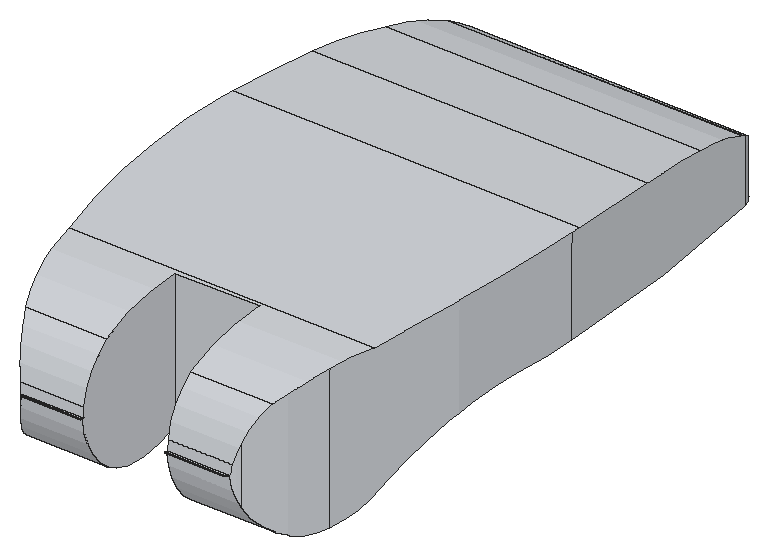
Revit family "Lighting-StreetLighting-GEWISS-STREET[O3]-LED_OPTIC_CYCLE-PEDESTRIAN", category Apparecchi per illuminazione, Revit 2019
Family settings
  Quota connettore circolare = Usa diametro
  Tipo di parte = Normale
  Numero OmniClass = 23.80.70.00
  Titolo OmniClass = Lighting
  Basato su piano di lavoro = No
  Sempre verticale = Sì
  Taglio con vuoti quando caricato = No
  Sorgente d'illuminazione = No
  Condiviso = No
  Punto di calcolo locali = No
Parameters (values of type "GWS7111 - STREET LED 2M 4000K 700mA CYCLE")
  Working temperature = "-25 +25 °C"
  Weight (kg): = "9,1"
  Weight (kg) = "9,1"
  Warranty = "5 years"
  Voltaggio = 230 V
  Voltage: = "220/240 V - 50/60 Hz"
  Voltage = "220/240 V - 50/60 Hz - Stand alone and/or possibility of dimmer 1-10 V"
  Visibility_label [instance] = yes
  Vetro = GEWISS - Led - lm 650 / Temp_3000_K
  Version type = ""
  Version file RFA = "20.11"
  URL = "https://www.gewiss.com/ww/en"
  Typology = "Stand alone"
  Tilt adjustable = "±20° bracket - 0°÷20° pole head"
  Technical sheet = "https://www.gewiss.com/ww/en/search?q=GWS7111"
  System power = "68W"
  Struttura = none
  Spostamento_Y_etichetta [instance] = 0 mm
  Spostamento_Y_effettivo_etichetta [instance] = 1500 mm + Spostamento_Y_etichetta  # 1500 mm
  Spostamento_X_etichetta [instance] = 0 mm
  Spostamento_X_effettivo_etichetta [instance] = 1500 mm - Spostamento_X_etichetta  # 1500 mm
  Shock resistance = "IK08 BODY - IK06 LENS"
  SIMBOLO [instance] = yes
  SEO = "Street lighting"
  Risk photobiological = "RG1/RG2 @ 20cm"
  Realized by GEWISS S.p.A. = ""
  Produttore = "GEWISS S.p.A."
  Power supply operation = ""
  Photobiologic Risk = "RG1/RG2 @ 20cm"
  Optic = "Cycle and pedestrian - ULOR: 0%"
  Operating temperature: = "-25 +35 °C"
  Offset etichetta W [instance] = 75 mm
  Numero di poli = 2
  Number of modules = "2 (2x16 LED)"
  Nominal flux (lm) = "8050"
  No. Chorus modules = "2 (2x16 LED)"
  Modello = "GWS7111"
  Minimum distance from the illuminated object = "1M"
  Maximum surface exposed to the wind = "0,26M2"
  Material = "Die-cast  aluminium"
  Lumen output (lm) = "6330"
  Lampada = "LED"
  Lamp = "LED"
  L_staffa = 120 mm
  LED current = "700 mA"
  LED LifeTime (L80B20) = "50000H"
  LED Life time (L90B20) = "50000H"
  LED Life time (L80B10) = "100000H"
  Insulation class = "II"
  Immagine tipo = GWS7001.jpg
  IP degree = "IP66"
  IFC.TypeObject = ""
  IFC.ExportType = ""
  IFC.ExportAs = ""
  IDT = "fe79b716-81a6-4571-bc62-3b977ad29964"
  IDF = "0fe26560-d2f1-4d96-bd76-f87854a9d7be"
  Electrocod = "244C"
  ETICHETTA W [instance] = yes
  EAN code = "8011564804913"
  Driver type = "Constant Current Driver Led"
  Descrizione = "STREET LED 2M 4000K 700mA CYCLE"
  Commenti sul wattaggio = "68W"
  Colour temperature: = "4000 K (CRI 70)"
  Colour temperature = "4000 K (CRI 70)"
  Colour = "Graphite/Aluminium"
  Catalogue Range = "STREET [O3]"
  Catalogue = "LIGHTING"
  Carico apparente = 68 VA
  COBie.Tagnumber = ""
  COBie.CreatedOn = ""
  COBie.CreatebBy = ""
  COBie.ComponentRegisterItemID = ""
  COBie.Component.TagNumber = ""
  COBie.Component.Space = ""
  COBie.Component.SerialNumber = ""
  COBie.Component.InstallationDate = ""
  COBie.Component.Description = ""
  COBie.Component.BarCode = ""
  BIDIMENSIONALE [instance] = not(SIMBOLO)  # no
  Application = "External"
  Altezza da terra testa staffa = 821.938 mm
Types (7, lengths in mm): name | Working temperature | Weight (kg): | Weight (kg) | Voltage | Typology | Technical sheet | System power | Risk photobiological | Operating temperature: | Number of modules | Nominal flux (lm) | No. Chorus modules | Modello | Material | Lumen output (lm) | LED Life time (L90B20) | LED Life time (L80B10) | IDT | Electrocod | EAN code | Driver type | Descrizione | Commenti sul wattaggio | Colour temperature: | Colour temperature | Carico apparente
  (no name) | "-25 +25 °C" | "9,1" | "9,1" | "220/240 V - 50/60 Hz - Stand alone and/or possibility of dimmer 1-10 V" | "Stand alone" | "https://www.gewiss.com/ww/en/search?q=GWS7111" | "68W" | "RG1/RG2 @ 20cm" | "-25 +35 °C" | "2 (2x16 LED)" | "8050" | "2 (2x16 LED)" | "GWS7111" | "Die-cast  aluminium" | "6330" | "50000H" | "100000H" | "fe79b716-81a6-4571-bc62-3b977ad29964" | "244C" | "8011564804913" | "Constant Current Driver Led" | "STREET LED 2M 4000K 700mA CYCLE" | "37W" | "4000 K (CRI 70)" | "4000 K (CRI 70)" | 37 VA
  GWS7110 - STREET LED 1M 4000K 700mA CYCLE | "-25 +25 °C" | "8,5" | "8,5" | "220/240 V - 50/60 Hz - Stand alone and/or possibility of dimmer 1-10 V" | "Stand alone" | "https://www.gewiss.com/ww/en/search?q=GWS7110" | "37W" | "RG1/RG2 @ 20cm" | "-25 +50 °C" | "1 (1x16 LED)" | "4140" | "1 (1x16 LED)" | "GWS7110" | "Die-cast  aluminium" | "3260" | "50000H" | "100000H" | "a0fb25a0-4e68-46a8-b0df-ea001d265249" | "244C" | "8011564804807" | "Constant Current Driver Led" | "STREET LED 1M 4000K 700mA CYCLE" | "37W" | "4000 K (CRI 70)" | "4000 K (CRI 70)" | 37 VA
  GWS7111 - STREET LED 2M 4000K 700mA CYCLE | "-25 +25 °C" | "9,1" | "9,1" | "220/240 V - 50/60 Hz - Stand alone and/or possibility of dimmer 1-10 V" | "Stand alone" | "https://www.gewiss.com/ww/en/search?q=GWS7111" | "68W" | "RG1/RG2 @ 20cm" | "-25 +35 °C" | "2 (2x16 LED)" | "8050" | "2 (2x16 LED)" | "GWS7111" | "Die-cast  aluminium" | "6330" | "50000H" | "100000H" | "fe79b716-81a6-4571-bc62-3b977ad29964" | "244C" | "8011564804913" | "Constant Current Driver Led" | "STREET LED 2M 4000K 700mA CYCLE" | "68W" | "4000 K (CRI 70)" | "4000 K (CRI 70)" | 68 VA
  GWS7112 - STREET LED 3M 4000K 700mA CYCLE | "-25 +25 °C" | "9,6" | "9,6" | "220/240 V - 50/60 Hz - Stand alone and/or possibility of dimmer 1-10 V" | "Stand alone" | "https://www.gewiss.com/ww/en/search?q=GWS7112" | "99W" | "RG1/RG2 @ 20cm" | "-25 +40 °C" | "3 (3x16 LED)" | "11740" | "3 (3x16 LED)" | "GWS7112" | "Die-cast  aluminium" | "9250" | "50000H" | "100000H" | "eb20ed4a-0eb5-4fdf-99d6-42564c8ce0b6" | "244B" | "8011564804920" | "Constant Current Driver Led" | "STREET LED 3M 4000K 700mA CYCLE" | "99W" | "4000 K (CRI 70)" | "4000 K (CRI 70)" | 99 VA
  GWS7110V - STREET LED 1M 4000K 700mA CYCLE | "" | "8,5" | "" | "220/240 V - 50/60 Hz - Stand alone and/or programmable" | "Programmable (5 step)" | "https://www.gewiss.com/ww/en/search?q=GWS7110V" | "37W" | "" | "-25 +25 °C" | "1 (1x16 LED)" | "4140" | "" | "GWS7110V" | "" | "3260" | "" | "" | "2ec8a7a59c8c4ecd96e902750527e753" | "244C" | "" | "" | "STREET LED 1M 4000K 700mA CYCLE" | "37W" | "4000 K (CRI>70)" | "" | 37 VA
  GWS7111V - STREET LED 2M 4000K 700mA CYCLE | "" | "9,09999999999999" | "" | "220/240 V - 50/60 Hz - Stand alone and/or programmable" | "Programmable (5 step)" | "https://www.gewiss.com/ww/en/search?q=GWS7111V" | "68W" | "" | "-25 +25 °C" | "2 (2x16 LED)" | "8050" | "" | "GWS7111V" | "" | "6330" | "" | "" | "2d757fb52362451291b8892b263916a1" | "244C" | "" | "" | "STREET LED 2M 4000K 700mA CYCLE" | "68W" | "4000 K (CRI>70)" | "" | 68 VA
  GWS7112V - STREET LED 3M 4000K 700mA CYCLE | "" | "9,59999999999999" | "" | "220/240 V - 50/60 Hz - Stand alone and/or programmable" | "Programmable (5 step)" | "https://www.gewiss.com/ww/en/search?q=GWS7112V" | "99W" | "" | "-25 +25 °C" | "3 (3x16 LED)" | "11740" | "" | "GWS7112V" | "" | "9250" | "" | "" | "2a1c5ae46678455ea16e05335c72e720" | "244B" | "" | "" | "STREET LED 3M 4000K 700mA CYCLE" | "99W" | "4000 K (CRI>70)" | "" | 99 VA
Reference planes
  plane 1 "Centro (Fronte/Retro)": y = 0
  plane 2: z = 0
  plane 3 "Centro (Sinistra/Destra)": x = 0
  plane 4 "led": z = 1095.365
  plane 5: z = -92
  plane 6: z = 169
  plane 7: z = 144
  plane 8: z = -3
  plane 9: x = -1500
  plane 10: y = -1500
  plane 11: y = 0
  plane 12: x = 0
Forms (mm)
  Extrusion 1, solid
    sketch origin (0, -69.915, 0) x (1, 0, 0) y (0, 1, 0)
      loop
        arc (-148.369, 708.85) -> (-161.088, 701.122) -> (-167.86, 687.87) r 27.287
        arc (-167.86, 687.87) -> (-190.309, 543.599) -> (-200.613, 397.956) r 1744.28
        arc (-200.613, 397.956) -> (-193.473, 245.187) -> (-163.443, 95.229) r 1014.191
        arc (-163.443, 95.229) -> (-148.364, 53.068) -> (-127.521, 13.439) r 318.465
        arc (-127.521, 13.439) -> (-121.67, 6.813) -> (-113.954, 2.501) r 26.295
        line (-113.954, 2.501) -> (-49.198, 2.501) -> (-49.198, 137.329) -> (47.802, 138.583) -> (47.802, 2.502) -> (113.955, 2.502)
        arc (113.955, 2.502) -> (121.67, 6.814) -> (127.521, 13.439) r 26.295
        arc (127.521, 13.439) -> (148.364, 53.068) -> (163.443, 95.229) r 318.465
        arc (163.443, 95.229) -> (193.473, 245.187) -> (200.613, 397.956) r 1014.191
        arc (200.613, 397.956) -> (190.309, 543.599) -> (167.86, 687.87) r 1744.28
        arc (167.86, 687.87) -> (160.933, 701.288) -> (147.93, 708.968) r 27.287
        arc (147.93, 708.968) -> (-0.228, 728.984) -> (-148.369, 708.85) r 556.679
    from -91.533 to 144
  Extrusion 2, void
    sketch origin (0, -72.415, -1095.365) x (0, 1, 0) y (0, 0, 1)
      loop
        line (688.634, 1095.364) -> (323.86, 1095.365)
        arc (323.86, 1095.365) -> (263.459, 1089.221) -> (205.531, 1071.043) r 299.999
        arc (205.531, 1071.043) -> (173.188, 1054.998) -> (142.802, 1035.498) r 328.156
        arc (142.802, 1035.498) -> (108.513, 1022.814) -> (71.972, 1021.648) r 113.881
        arc (71.972, 1021.648) -> (26.51, 1048.717) -> (8.217, 1098.365) r 79.247
        line (8.217, 1098.365) -> (5.002, 1098.365) -> (5.002, 1003.832) -> (731.484, 1003.832) -> (731.484, 1129.989)
        arc (731.484, 1129.989) -> (729.037, 1130.708) -> (726.583, 1131.409) r 350.56
        arc (726.583, 1131.409) -> (714.803, 1105.812) -> (688.634, 1095.364) r 38
    from -250.415 to 250
  Extrusion 3, void
    sketch origin (0, -72.415, -1094.912) x (0, 1, 0) y (0, 0, 1)
      loop
        line (683.93, 1169.668) -> (687.592, 1167.887)
        arc (687.592, 1167.887) -> (717.132, 1148.356) -> (740.002, 1121.318) r 124.886
        line (740.002, 1121.318) -> (740.002, 1263.912) -> (5.002, 1263.912) -> (5.002, 1098.863) -> (8.572, 1098.863)
        arc (8.572, 1098.863) -> (9.034, 1104.506) -> (9.836, 1110.111) r 93.455
        arc (9.836, 1110.111) -> (20.97, 1140.802) -> (41.983, 1165.79) r 93.455
        arc (41.983, 1165.79) -> (92.961, 1183.825) -> (146.686, 1189.963) r 239.488
        arc (146.686, 1189.963) -> (279.294, 1202.642) -> (412.472, 1205.668) r 1835.264
        arc (412.472, 1205.668) -> (465.948, 1204.556) -> (519.402, 1202.672) r 3708.846
        arc (519.402, 1202.672) -> (564.806, 1199.024) -> (609.805, 1191.96) r 603.307
        arc (609.805, 1191.96) -> (647.763, 1183.793) -> (683.93, 1169.668) r 242.275
    from -220.356 to 250
  Extrusion 4, void
    sketch origin (0, -72.415, 1095.365) x (0, -1, 0) y (1, 0, 0)
      loop
        arc (-616.943, -129.057) -> (-510.953, -137.961) -> (-405.191, -126.663) r 559.959
        arc (-405.191, -126.663) -> (-399.103, -123.067) -> (-396.665, -116.429) r 10.527
        line (-396.665, -116.429) -> (-396.665, 116.23)
        arc (-396.665, 116.23) -> (-399.043, 122.98) -> (-405.188, 126.649) r 10.526
        arc (-405.188, 126.649) -> (-510.973, 137.948) -> (-616.987, 129.035) r 559.959
        arc (-616.987, 129.035) -> (-623.275, 125.395) -> (-625.707, 118.549) r 10.526
        line (-625.707, 118.549) -> (-625.707, -0.007) -> (-625.707, -118.579)
        arc (-625.707, -118.579) -> (-623.256, -125.432) -> (-616.943, -129.057) r 10.527
    from -1098.365 to -1092.365
  Extrusion 5, solid, material "GEWISS - Led - lm 650 / Temp_3000_K" <- "Vetro"
    sketch origin (0, 0, 1095.365) x (0, -1, 0) y (1, 0, 0)
      loop
        arc (-616.943, -129.057) -> (-510.953, -137.961) -> (-405.191, -126.663) r 559.959
        arc (-405.191, -126.663) -> (-399.103, -123.067) -> (-396.665, -116.429) r 10.527
        line (-396.665, -116.429) -> (-396.665, 116.23)
        arc (-396.665, 116.23) -> (-399.043, 122.98) -> (-405.188, 126.649) r 10.526
        arc (-405.188, 126.649) -> (-510.973, 137.948) -> (-616.987, 129.035) r 559.959
        arc (-616.987, 129.035) -> (-623.275, 125.395) -> (-625.707, 118.549) r 10.526
        line (-625.707, 118.549) -> (-625.707, -0.007) -> (-625.707, -118.579)
        arc (-625.707, -118.579) -> (-623.256, -125.432) -> (-616.943, -129.057) r 10.527
    from -1098.365 to -1095.365
Cuts and joins
  Extrusion 2, Extrusion 3, Extrusion 4 cuts Extrusion 1
Lines and regions (mm)
  Masking region 1, visible <- "BIDIMENSIONALE"
    outline origin (0, -72.415, 0) x (1, 0, 0) y (0, 1, 0)
      loop
        arc (-163.443, 97.729) -> (-148.364, 55.568) -> (-127.521, 15.939) r 318.465
        arc (-127.521, 15.939) -> (-121.67, 9.313) -> (-113.954, 5.001) r 26.295
        line (-113.954, 5.001) -> (-49.198, 5.001) -> (-49.198, 139.829) -> (47.802, 139.829) -> (47.802, 5.002) -> (113.955, 5.002)
        arc (113.955, 5.002) -> (121.67, 9.314) -> (127.521, 15.939) r 26.295
        arc (127.521, 15.939) -> (148.364, 55.568) -> (163.443, 97.729) r 318.465
        arc (163.443, 97.729) -> (193.473, 247.687) -> (200.613, 400.456) r 1014.191
        arc (200.613, 400.456) -> (190.309, 546.099) -> (167.86, 690.37) r 1744.28
        arc (167.86, 690.37) -> (160.842, 703.703) -> (147.93, 711.468) r 27.998
        arc (147.93, 711.468) -> (-0.228, 731.484) -> (-148.369, 711.35) r 556.679
        arc (-148.369, 711.35) -> (-161.088, 703.622) -> (-167.86, 690.37) r 27.287
        arc (-167.86, 690.37) -> (-190.309, 546.099) -> (-200.613, 400.456) r 1744.28
        arc (-200.613, 400.456) -> (-193.473, 247.687) -> (-163.443, 97.729) r 1014.191
  Masking region 2
    outline origin (0.15, 0, -1127.191) x (1, 0, 0) y (0, 0, 1)
      loop
        line (216.631, 1238.912) -> (-233.592, 1238.912) -> (-233.592, 1114.595) -> (216.631, 1114.595) -> (216.631, 1238.912)
  Masking region 3
    outline origin (0.15, 0, -1127.191) x (1, 0, 0) y (0, 0, 1)
      loop
        line (40.421, 1050.94) -> (176.081, 1050.94)
        spline (176.081, 1050.94) -> (178.783, 1060.222) -> (181.45, 1068.838) -> (184.075, 1076.767) -> (186.653, 1083.99) -> (189.177, 1090.489) -> (191.64, 1096.248) -> (194.037, 1101.252) -> (196.361, 1105.49) -> (198.608, 1108.951) -> (200.77, 1111.626) -> (202.844, 1113.509) -> (204.824, 1114.595)
        line (204.824, 1114.595) -> (-222.524, 1114.595)
        spline (-222.524, 1114.595) -> (-220.394, 1113.595) -> (-218.186, 1111.782) -> (-215.904, 1109.161) -> (-213.554, 1105.739) -> (-211.142, 1101.523) -> (-208.674, 1096.525) -> (-206.156, 1090.757) -> (-203.594, 1084.234) -> (-200.995, 1076.971) -> (-198.366, 1068.988) -> (-195.712, 1060.304) -> (-193.041, 1050.94)
        line (-193.041, 1050.94) -> (-56.362, 1051.009)
        spline (-56.362, 1051.009) -> (-56.021, 1053.409) -> (-55.614, 1055.768) -> (-55.141, 1058.083) -> (-54.603, 1060.355) -> (-54, 1062.582) -> (-53.332, 1064.763) -> (-52.6, 1066.897) -> (-51.803, 1068.984) -> (-50.942, 1071.023) -> (-50.017, 1073.013) -> (-49.029, 1074.953) -> (-47.979, 1076.842)
        spline (-47.979, 1076.842) -> (-47.674, 1077.194) -> (-47.291, 1077.529) -> (-46.836, 1077.845) -> (-46.313, 1078.138) -> (-45.726, 1078.404) -> (-45.084, 1078.641) -> (-44.392, 1078.846) -> (-43.658, 1079.018) -> (-42.89, 1079.153) -> (-42.096, 1079.251) -> (-41.285, 1079.311) -> (-40.465, 1079.331)
        spline (-40.465, 1079.331) -> (-34.853, 1079.503) -> (-29.237, 1079.637) -> (-23.616, 1079.732) -> (-17.993, 1079.79) -> (-12.369, 1079.809) -> (-6.745, 1079.789) -> (-1.122, 1079.732) -> (4.498, 1079.636) -> (10.115, 1079.502) -> (15.726, 1079.33) -> (21.332, 1079.12) -> (26.929, 1078.871)
        spline (26.929, 1078.871) -> (27.63, 1078.802) -> (28.312, 1078.702) -> (28.972, 1078.573) -> (29.603, 1078.415) -> (30.202, 1078.231) -> (30.762, 1078.02) -> (31.28, 1077.786) -> (31.752, 1077.529) -> (32.173, 1077.252) -> (32.54, 1076.958) -> (32.851, 1076.647) -> (33.103, 1076.324)
        spline (33.103, 1076.324) -> (34.027, 1074.475) -> (34.895, 1072.576) -> (35.707, 1070.626) -> (36.462, 1068.626) -> (37.159, 1066.578) -> (37.799, 1064.482) -> (38.381, 1062.338) -> (38.906, 1060.148) -> (39.372, 1057.913) -> (39.781, 1055.632) -> (40.13, 1053.308) -> (40.421, 1050.94)
  Masking region 4
    outline origin (0, -75, -1096.603) x (0, 1, 0) y (0, 0, 1)
      loop
        arc (146.686, 1189.963) -> (92.961, 1183.825) -> (41.983, 1165.79) r 239.488
        arc (41.983, 1165.79) -> (17.055, 1133.245) -> (8.454, 1093.162) r 93.455
        arc (8.454, 1093.162) -> (28.207, 1046.742) -> (71.972, 1021.648) r 79.247
        arc (71.972, 1021.648) -> (108.513, 1022.814) -> (142.802, 1035.498) r 113.881
        arc (142.802, 1035.498) -> (173.188, 1054.998) -> (205.531, 1071.043) r 328.156
        arc (205.531, 1071.043) -> (263.459, 1089.221) -> (323.86, 1095.365) r 299.999
        line (323.86, 1095.365) -> (688.634, 1095.364)
        arc (688.634, 1095.364) -> (714.803, 1105.812) -> (726.583, 1131.409) r 38
        arc (726.583, 1131.409) -> (729.037, 1130.708) -> (731.484, 1129.989) r 350.56
        line (731.484, 1129.989) -> (731.484, 1133.282)
        arc (731.484, 1133.282) -> (711.045, 1153.427) -> (686.547, 1168.375) r 124.886
        arc (686.547, 1168.375) -> (649.16, 1183.369) -> (609.805, 1191.96) r 242.275
        arc (609.805, 1191.96) -> (564.806, 1199.024) -> (519.402, 1202.672) r 603.307
        arc (519.402, 1202.672) -> (465.948, 1204.556) -> (412.472, 1205.668) r 3708.846
        arc (412.472, 1205.668) -> (279.294, 1202.642) -> (146.686, 1189.963) r 1835.264
  symbolic lines, style "InvisibleLines"
    curve 1: line (-0.698, -25, 1095.365) -> (-0.698, 30, 1095.365)
    curve 2: line (29.302, 0, 1095.365) -> (-20.698, 0, 1095.365)
    curve 3: line (0, 0, 45) -> (0, 0, -35)
    curve 4: line (0, 0, 35) -> (0, 0, -35)
Dimensions and locks
  locked: plane 6 to plane 7 at 25
  locked: plane 2 to plane 5 at 92
  locked: level to plane 8 at 3
  plane 9 to plane 3 "Centro (Sinistra/Destra)" = 1500 mm
  plane 10 to plane 1 "Centro (Fronte/Retro)" = 1500 mm
  "Spostamento_Y_effettivo_etichetta": plane 11 to plane 10
  "Spostamento_X_effettivo_etichetta": plane 9 to plane 12
  aligned and locked: level to plane 2
  aligned and locked: Extrusion 1 to Extrusion 2
  aligned and locked: plane 7 to Extrusion 1
  aligned and locked: Extrusion 5 to plane 8
  aligned and locked: plane 2 to Extrusion 5
  aligned and locked: Extrusion 4 to plane 8
  aligned and locked: Extrusion 2 to Extrusion 4
  aligned and locked: nested 1 to plane 1 "Centro (Fronte/Retro)"
  aligned and locked: nested 2 to plane 11
  aligned and locked: plane 12 to nested 2
Automatic sketch dimensions
  curve 3 to plane 1 "Centro (Fronte/Retro)" = 0 mm
  curve 3 to plane 8 = 32 mm
  level to curve 4 = 35 mm
  curve 4 to curve 3 = 10 mm
  Extrusion 1 sketch curve to plane 9 = 42.945 mm
  Extrusion 1 sketch curve to plane 1 "Centro (Fronte/Retro)" = 298.871 mm  (x2)
  Extrusion 1 sketch curve to plane 3 "Centro (Sinistra/Destra)" = 143.219 mm
  Extrusion 1 sketch curve to plane 3 "Centro (Sinistra/Destra)" = 141.097 mm
  Extrusion 1 sketch curve to plane 3 "Centro (Sinistra/Destra)" = 113.954 mm
  Extrusion 1 sketch curve to Extrusion 1 sketch curve = 8.788 mm  (x2)
  Extrusion 1 sketch curve to plane 3 "Centro (Sinistra/Destra)" = 49.198 mm
  Extrusion 1 sketch curve to plane 3 "Centro (Sinistra/Destra)" = 0.007 mm
  plane 3 "Centro (Sinistra/Destra)" to Extrusion 1 sketch curve = 47.802 mm
  Extrusion 1 sketch curve to Extrusion 1 sketch curve = 57.365 mm
  plane 3 "Centro (Sinistra/Destra)" to Extrusion 1 sketch curve = 141.097 mm
  Extrusion 1 sketch curve to Extrusion 1 sketch curve = 95.417 mm
  Extrusion 1 sketch curve to Extrusion 1 sketch curve = 669.939 mm
  Extrusion 1 sketch curve to Extrusion 1 sketch curve = 729.787 mm
  Extrusion 1 sketch curve to plane 1 "Centro (Fronte/Retro)" = 277.872 mm  (x2)
  Extrusion 1 sketch curve to plane 1 "Centro (Fronte/Retro)" = 111.213 mm  (x2)
  Extrusion 1 sketch curve to plane 1 "Centro (Fronte/Retro)" = 102.39 mm
  Extrusion 1 sketch curve to Extrusion 1 sketch curve = 33.723 mm
  Extrusion 1 sketch curve to Extrusion 1 sketch curve = 34.976 mm
  plane 1 "Centro (Fronte/Retro)" to Extrusion 1 sketch curve = 42.631 mm  (x2)
  Extrusion 1 sketch curve to Extrusion 1 sketch curve = 24.783 mm  (x2)
  Extrusion 1 sketch curve to Extrusion 1 sketch curve = 501.421 mm
  Extrusion 1 sketch curve to Extrusion 1 sketch curve = 0 mm  (x8)
  Extrusion 1 sketch curve to plane 3 "Centro (Sinistra/Destra)" = 200.613 mm
  Extrusion 1 sketch curve to Extrusion 1 sketch curve = 6.833 mm
  plane 5 to Extrusion 2 sketch curve = 0.467 mm
  plane 1 "Centro (Fronte/Retro)" to Extrusion 2 sketch curve = 67.414 mm
  Extrusion 2 sketch curve to Extrusion 2 sketch curve = 3.216 mm
  Extrusion 2 sketch curve to plane 1 "Centro (Fronte/Retro)" = 14.245 mm
  level to Extrusion 2 sketch curve = 4.003 mm
  Extrusion 2 sketch curve to plane 1 "Centro (Fronte/Retro)" = 15.042 mm
  Extrusion 2 sketch curve to plane 1 "Centro (Fronte/Retro)" = 251.444 mm
  Extrusion 2 sketch curve to Extrusion 2 sketch curve = 11.106 mm
  Extrusion 2 sketch curve to Extrusion 2 sketch curve = 296.536 mm
  Extrusion 2 sketch curve to level = 0 mm
  Extrusion 2 sketch curve to Extrusion 2 sketch curve = 57.132 mm
  Extrusion 2 sketch curve to Extrusion 2 sketch curve = 0 mm  (x3)
  Extrusion 2 sketch curve to Extrusion 2 sketch curve = 42.851 mm
  Extrusion 2 sketch curve to plane 5 = 207.999 mm
  Extrusion 2 sketch curve to plane 5 = 209.375 mm
  Extrusion 2 sketch curve to Extrusion 2 sketch curve = 25.874 mm
  level to Extrusion 2 sketch curve = 3 mm
  level to Extrusion 2 sketch curve = 34.625 mm
  level to Extrusion 2 sketch curve = 38 mm
  Extrusion 2 sketch curve to Extrusion 2 sketch curve = 35.21 mm
  plane 1 "Centro (Fronte/Retro)" to Extrusion 2 sketch curve = 0.443 mm
  plane 5 to Extrusion 2 sketch curve = 32.133 mm
  level to Extrusion 2 sketch curve = 0 mm
  Extrusion 2 sketch curve to Extrusion 2 sketch curve = 118.329 mm
  Extrusion 3 sketch curve to Extrusion 3 sketch curve = 0 mm  (x4)
  Extrusion 3 sketch curve to plane 6 = 0 mm
  plane 1 "Centro (Fronte/Retro)" to Extrusion 3 sketch curve = 67.414 mm
  Extrusion 3 sketch curve to Extrusion 3 sketch curve = 3.571 mm
  Extrusion 3 sketch curve to level = 0.838 mm
  Extrusion 3 sketch curve to plane 1 "Centro (Fronte/Retro)" = 29.489 mm
  Extrusion 3 sketch curve to plane 1 "Centro (Fronte/Retro)" = 74.419 mm
  Extrusion 3 sketch curve to plane 1 "Centro (Fronte/Retro)" = 289.683 mm
  Extrusion 3 sketch curve to plane 1 "Centro (Fronte/Retro)" = 315.13 mm
  Extrusion 3 sketch curve to plane 1 "Centro (Fronte/Retro)" = 421.399 mm
  Extrusion 3 sketch curve to plane 5 = 51.129 mm
  Extrusion 3 sketch curve to Extrusion 3 sketch curve = 84.174 mm
  Extrusion 3 sketch curve to plane 8 = 36.913 mm
  Extrusion 3 sketch curve to Extrusion 3 sketch curve = 56.191 mm
  Extrusion 3 sketch curve to plane 7 = 69.245 mm
  Extrusion 3 sketch curve to Extrusion 3 sketch curve = 49.751 mm
  Extrusion 3 sketch curve to plane 7 = 71.025 mm
  Extrusion 3 sketch curve to Extrusion 3 sketch curve = 3.662 mm
  Extrusion 3 sketch curve to Extrusion 3 sketch curve = 52.41 mm
  Extrusion 3 sketch curve to plane 5 = 52.437 mm
  Extrusion 3 sketch curve to Extrusion 3 sketch curve = 351.876 mm
  Extrusion 3 sketch curve to Extrusion 3 sketch curve = 1229.335 mm
  Extrusion 3 sketch curve to Extrusion 3 sketch curve = 1873.409 mm
  level to Extrusion 3 sketch curve = 3.951 mm
  Extrusion 3 sketch curve to Extrusion 3 sketch curve = 1.263 mm
  plane 1 "Centro (Fronte/Retro)" to Extrusion 3 sketch curve = 30.433 mm
  Extrusion 3 sketch curve to plane 7 = 48.949 mm
  plane 3 "Centro (Sinistra/Destra)" to Extrusion 4 sketch curve = 118.549 mm
  Extrusion 4 sketch curve to plane 1 "Centro (Fronte/Retro)" = 553.292 mm
  Extrusion 4 sketch curve to Extrusion 4 sketch curve = 10.525 mm
  Extrusion 4 sketch curve to Extrusion 4 sketch curve = 10.526 mm  (x2)
  Extrusion 4 sketch curve to Extrusion 4 sketch curve = 97.901 mm
  Extrusion 4 sketch curve to Extrusion 4 sketch curve = 97.9 mm
  Extrusion 4 sketch curve to Extrusion 4 sketch curve = 207.99 mm
  Extrusion 4 sketch curve to Extrusion 4 sketch curve = 207.991 mm
  plane 3 "Centro (Sinistra/Destra)" to Extrusion 4 sketch curve = 116.315 mm
  Extrusion 4 sketch curve to Extrusion 4 sketch curve = 0.086 mm
  Extrusion 4 sketch curve to plane 3 "Centro (Sinistra/Destra)" = 0.007 mm
  Extrusion 4 sketch curve to plane 3 "Centro (Sinistra/Destra)" = 116.328 mm
  Extrusion 4 sketch curve to Extrusion 4 sketch curve = 0.101 mm
  Extrusion 4 sketch curve to Extrusion 4 sketch curve = 118.572 mm
  Extrusion 4 sketch curve to Extrusion 4 sketch curve = 0.1 mm
  Extrusion 4 sketch curve to Extrusion 4 sketch curve = 303.297 mm  (x2)
  Extrusion 4 sketch curve to Extrusion 4 sketch curve = 0.116 mm
  Extrusion 4 sketch curve to Extrusion 4 sketch curve = 1.805 mm
  Extrusion 4 sketch curve to Extrusion 4 sketch curve = 1.762 mm
  plane 3 "Centro (Sinistra/Destra)" to Extrusion 5 sketch curve = 118.549 mm
  Extrusion 5 sketch curve to plane 1 "Centro (Fronte/Retro)" = 625.707 mm
  Extrusion 5 sketch curve to Extrusion 5 sketch curve = 10.525 mm
  Extrusion 5 sketch curve to Extrusion 5 sketch curve = 10.526 mm  (x2)
  Extrusion 5 sketch curve to Extrusion 5 sketch curve = 97.901 mm
  Extrusion 5 sketch curve to Extrusion 5 sketch curve = 97.9 mm
  Extrusion 5 sketch curve to Extrusion 5 sketch curve = 207.99 mm
  Extrusion 5 sketch curve to Extrusion 5 sketch curve = 207.991 mm
  plane 3 "Centro (Sinistra/Destra)" to Extrusion 5 sketch curve = 116.315 mm
  Extrusion 5 sketch curve to Extrusion 5 sketch curve = 0.086 mm
  Extrusion 5 sketch curve to plane 3 "Centro (Sinistra/Destra)" = 0.007 mm
  Extrusion 5 sketch curve to plane 3 "Centro (Sinistra/Destra)" = 116.328 mm
  Extrusion 5 sketch curve to Extrusion 5 sketch curve = 0.101 mm
  Extrusion 5 sketch curve to Extrusion 5 sketch curve = 118.572 mm
  Extrusion 5 sketch curve to Extrusion 5 sketch curve = 0.1 mm
  Extrusion 5 sketch curve to Extrusion 5 sketch curve = 303.297 mm  (x2)
  Extrusion 5 sketch curve to Extrusion 5 sketch curve = 0.116 mm
  Extrusion 5 sketch curve to Extrusion 5 sketch curve = 1.805 mm
  Extrusion 5 sketch curve to Extrusion 5 sketch curve = 1.762 mm
  plane 1 "Centro (Fronte/Retro)" to curve 2 = 0 mm
  curve 2 to plane 3 "Centro (Sinistra/Destra)" = 20.698 mm
  curve 1 to plane 3 "Centro (Sinistra/Destra)" = 0.698 mm
  curve 1 to plane 1 "Centro (Fronte/Retro)" = 30 mm
  plane 1 "Centro (Fronte/Retro)" to curve 1 = 25 mm
  plane 3 "Centro (Sinistra/Destra)" to curve 2 = 29.302 mm
  Masking region 1 sketch curve to plane 9 = 42.945 mm
  Masking region 1 sketch curve to plane 1 "Centro (Fronte/Retro)" = 298.871 mm  (x2)
  Masking region 1 sketch curve to plane 3 "Centro (Sinistra/Destra)" = 143.219 mm
  Masking region 1 sketch curve to plane 3 "Centro (Sinistra/Destra)" = 141.097 mm
  Masking region 1 sketch curve to plane 3 "Centro (Sinistra/Destra)" = 113.954 mm
  Masking region 1 sketch curve to Masking region 1 sketch curve = 8.788 mm  (x2)
  Masking region 1 sketch curve to plane 3 "Centro (Sinistra/Destra)" = 49.198 mm
  Masking region 1 sketch curve to plane 3 "Centro (Sinistra/Destra)" = 0.007 mm
  plane 3 "Centro (Sinistra/Destra)" to Masking region 1 sketch curve = 47.802 mm
  Masking region 1 sketch curve to Masking region 1 sketch curve = 57.365 mm
  plane 3 "Centro (Sinistra/Destra)" to Masking region 1 sketch curve = 140.49 mm
  Masking region 1 sketch curve to Masking region 1 sketch curve = 95.417 mm
  Masking region 1 sketch curve to Masking region 1 sketch curve = 669.939 mm
  Masking region 1 sketch curve to Masking region 1 sketch curve = 729.787 mm
  Masking region 1 sketch curve to plane 1 "Centro (Fronte/Retro)" = 277.872 mm  (x2)
  Masking region 1 sketch curve to plane 1 "Centro (Fronte/Retro)" = 111.213 mm  (x2)
  Masking region 1 sketch curve to plane 1 "Centro (Fronte/Retro)" = 102.39 mm
  Masking region 1 sketch curve to Masking region 1 sketch curve = 34.976 mm
  plane 1 "Centro (Fronte/Retro)" to Masking region 1 sketch curve = 42.631 mm  (x2)
  Masking region 1 sketch curve to Masking region 1 sketch curve = 24.783 mm  (x2)
  Masking region 1 sketch curve to Masking region 1 sketch curve = 500.847 mm
  Masking region 1 sketch curve to Masking region 1 sketch curve = 0.574 mm
  Masking region 1 sketch curve to plane 3 "Centro (Sinistra/Destra)" = 200.613 mm
  Masking region 1 sketch curve to Masking region 1 sketch curve = 0 mm  (x7)
  Masking region 1 sketch curve to Masking region 1 sketch curve = 27.371 mm
  Masking region 2 sketch curve to plane 7 = 32.278 mm
  Masking region 2 sketch curve to plane 3 "Centro (Sinistra/Destra)" = 233.441 mm
  Masking region 2 sketch curve to plane 8 = 9.595 mm
  plane 3 "Centro (Sinistra/Destra)" to Masking region 2 sketch curve = 216.782 mm
  Masking region 3 sketch curve to plane 8 = 9.595 mm
  Masking region 3 sketch curve to plane 3 "Centro (Sinistra/Destra)" = 222.373 mm
  plane 5 to Masking region 3 sketch curve = 15.75 mm  (x2)
  Masking region 3 sketch curve to Masking region 3 sketch curve = 29.482 mm
  plane 5 to Masking region 3 sketch curve = 15.818 mm
  Masking region 3 sketch curve to plane 3 "Centro (Sinistra/Destra)" = 56.212 mm
  plane 3 "Centro (Sinistra/Destra)" to Masking region 3 sketch curve = 40.572 mm
  Masking region 3 sketch curve to Masking region 3 sketch curve = 135.66 mm
  Masking region 3 sketch curve to Masking region 3 sketch curve = 28.743 mm
  Masking region 3 sketch curve to Masking region 3 sketch curve = 2.038 mm
  Masking region 3 sketch curve to plane 3 "Centro (Sinistra/Destra)" = 188.596 mm
  Masking region 3 sketch curve to plane 3 "Centro (Sinistra/Destra)" = 116.146 mm
  Masking region 3 sketch curve to Masking region 3 sketch curve = 7.959 mm
  Masking region 3 sketch curve to Masking region 3 sketch curve = 0.424 mm
  Masking region 3 sketch curve to Masking region 3 sketch curve = 7.425 mm
  Masking region 3 sketch curve to Masking region 3 sketch curve = 7.496 mm
  Masking region 3 sketch curve to Masking region 3 sketch curve = 0.017 mm
  Masking region 3 sketch curve to plane 3 "Centro (Sinistra/Destra)" = 12.222 mm
  plane 3 "Centro (Sinistra/Destra)" to Masking region 3 sketch curve = 22.032 mm
  Masking region 3 sketch curve to Masking region 3 sketch curve = 3.557 mm
  Masking region 3 sketch curve to Masking region 3 sketch curve = 1.491 mm
  Masking region 3 sketch curve to Masking region 3 sketch curve = 6.174 mm
  Masking region 3 sketch curve to Masking region 3 sketch curve = 0.391 mm
  plane 3 "Centro (Sinistra/Destra)" to Masking region 3 sketch curve = 109.539 mm
  plane 3 "Centro (Sinistra/Destra)" to Masking region 3 sketch curve = 164.802 mm
  Masking region 3 sketch curve to Masking region 3 sketch curve = 2.161 mm
  Masking region 3 sketch curve to plane 5 = 127.96 mm
  Masking region 3 sketch curve to Masking region 3 sketch curve = 200.712 mm
  Masking region 3 sketch curve to plane 5 = 87.773 mm
  Masking region 3 sketch curve to plane 5 = 97.01 mm
  Masking region 3 sketch curve to Masking region 3 sketch curve = 1.319 mm
  Masking region 4 sketch curve to plane 1 "Centro (Fronte/Retro)" = 11.66 mm
  level to Masking region 4 sketch curve = 2.764 mm
  Masking region 4 sketch curve to plane 1 "Centro (Fronte/Retro)" = 12.458 mm
  plane 8 to Masking region 4 sketch curve = 0.471 mm
  Masking region 4 sketch curve to Masking region 4 sketch curve = 14.447 mm
  Masking region 4 sketch curve to plane 1 "Centro (Fronte/Retro)" = 71.834 mm
  Masking region 4 sketch curve to Masking region 4 sketch curve = 177.026 mm
  Masking region 4 sketch curve to Masking region 4 sketch curve = 11.106 mm
  Masking region 4 sketch curve to plane 1 "Centro (Fronte/Retro)" = 287.099 mm
  Masking region 4 sketch curve to plane 1 "Centro (Fronte/Retro)" = 312.546 mm
  Masking region 4 sketch curve to Masking region 4 sketch curve = 158.848 mm
  Masking region 4 sketch curve to plane 5 = 52.82 mm
  Masking region 4 sketch curve to Masking region 4 sketch curve = 254.128 mm
  Masking region 4 sketch curve to Masking region 4 sketch curve = 53.513 mm
  Masking region 4 sketch curve to plane 8 = 38.604 mm
  Masking region 4 sketch curve to Masking region 4 sketch curve = 56.191 mm
  Masking region 4 sketch curve to level = 1.239 mm
  Masking region 4 sketch curve to Masking region 4 sketch curve = 54.455 mm
  Masking region 4 sketch curve to Masking region 4 sketch curve = 0 mm  (x5)
  Masking region 4 sketch curve to Masking region 4 sketch curve = 42.851 mm
  Masking region 4 sketch curve to plane 5 = 54.128 mm
  Masking region 4 sketch curve to plane 5 = 209.237 mm
  Masking region 4 sketch curve to Masking region 4 sketch curve = 157.793 mm
  Masking region 4 sketch curve to Masking region 4 sketch curve = 25.874 mm
  Masking region 4 sketch curve to Masking region 4 sketch curve = 169.584 mm
  Masking region 4 sketch curve to Masking region 4 sketch curve = 1229.335 mm
  Masking region 4 sketch curve to Masking region 4 sketch curve = 1873.409 mm
  level to Masking region 4 sketch curve = 33.386 mm
  Masking region 4 sketch curve to Masking region 4 sketch curve = 3.293 mm
  level to Masking region 4 sketch curve = 36.761 mm
  Masking region 4 sketch curve to Masking region 4 sketch curve = 35.21 mm
  plane 1 "Centro (Fronte/Retro)" to Masking region 4 sketch curve = 3.028 mm
  plane 1 "Centro (Fronte/Retro)" to Masking region 4 sketch curve = 33.017 mm
  Masking region 4 sketch curve to plane 8 = 0.441 mm
  plane 1 "Centro (Fronte/Retro)" to Masking region 4 sketch curve = 66.546 mm
  plane 5 to Masking region 4 sketch curve = 30.895 mm
  Masking region 4 sketch curve to plane 7 = 50.64 mm
  Masking region 4 sketch curve to level = 1.238 mm
  Masking region 4 sketch curve to Masking region 4 sketch curve = 118.329 mm
  Masking region 4 sketch curve to Masking region 4 sketch curve = 90.402 mm
  Extrusion 1 sketch curve to Extrusion 1 sketch curve = 612.545 mm
  Masking region 1 sketch curve to Masking region 1 sketch curve = 612.545 mm
Nested families
  nested 1: "STRADALELED" at (-143.313, 271.738, 0) x (0, -1, 0) z (0, 0, 1), visible <- "SIMBOLO", type "STRADALELED"
  nested 2: "ETICHETTA LIGHT" at (0, 0, 0), visible <- "Visibility_label", type "ETICHETTA LIGHT"
Connectors
  electrical at (-0.03, 451.447, 3), driven by "Carico apparente"
    settings: on cut or joined group of Extrusion 1, Extrusion 2, Extrusion 3, Extrusion 4, index 1, voltage 230 V, apparent load 0 VA, apparent load phase1 68 VA, apparent load phase2 0 VA, apparent load phase3 0 VA, power factor 1, load classification "Altro", number of poles 2, system type 31, power factor state 1, is connector primary yes, connector utility no, sub classification motor no, connector description ""
Definition of nested family "STRADALELED"
  Reference planes
    plane 1 "Centro (Fronte/Retro)": y = 0
    plane 2: z = 0
    plane 3 "Centro (Sinistra/Destra)": x = 0
  Lines and regions (mm)
    detail lines, in view "Livello rif."
      curve 1: line (112.763, 97.281, 0) -> (20.304, 143.313, 0)
      curve 2: line (20.304, 143.313, 0) -> (112.763, 189.899, 0)
      curve 3: line (112.763, 189.899, 0) -> (112.763, 97.281, 0)
      curve 4: line (20.304, 189.622, 0) -> (20.304, 97.004, 0)
      curve 5: line (20.304, 143.313, 0) -> (-33.761, 143.313, 0)
      curve 6: line (112.763, 143.59, 0) -> (152.686, 143.59, 0)
      curve 7: line (271.738, 0.198, 0) -> (20.304, 0.198, 0)
      curve 8: line (20.304, 0.198, 0) -> (-235.046, 32.396, 0)
      curve 9: line (-235.046, 32.396, 0) -> (-235.046, 143.313, 0)
      curve 10: line (-235.046, 143.313, 0) -> (-235.046, 254.23, 0)
      curve 11: line (-235.046, 254.23, 0) -> (20.304, 285.913, 0)
      curve 12: line (20.304, 285.913, 0) -> (271.738, 285.913, 0)
      curve 13: line (271.738, 285.913, 0) -> (271.738, 0.198, 0)
      curve 14: line (-47.375, 249.631, 0) -> (165.26, 249.631, 0)
      curve 15: line (165.26, 249.631, 0) -> (165.26, 36.995, 0)
      curve 16: line (165.26, 36.995, 0) -> (-47.375, 36.995, 0)
      curve 17: line (-47.375, 36.995, 0) -> (-47.375, 249.631, 0)
Definition of nested family "ETICHETTA LIGHT"
  Parameters (values of type "ETICHETTA LIGHT")
    COMMENTI = ""
  Reference planes
    plane 1: y = 0
    plane 2: x = 0
  Text (mm)
    label "COMMENTI" at (-0.057, 0.105, 0), shows "COMMENTI"
